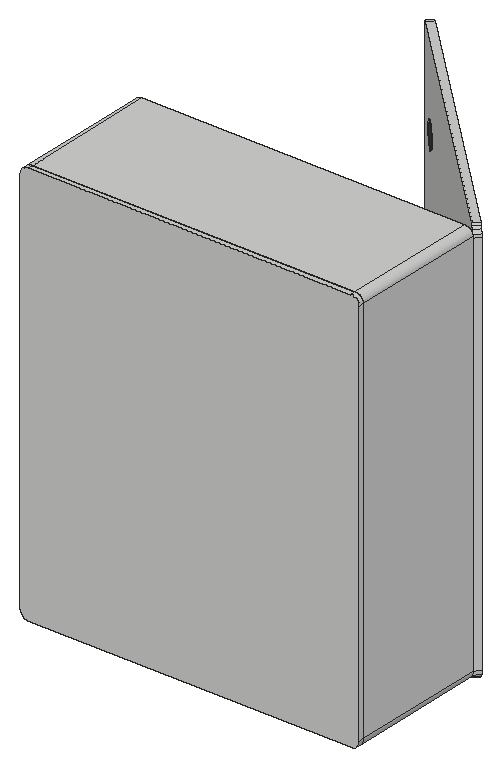
Revit family "Building-ContenitoriParete-GEWISS-44CEP-QUADRI-GWPLAST_PORTA_CIECA_IP55", category Attrezzatura elettrica, host Muro, Revit 2016
Family settings
  Host = Muro
  Configurazione quadro = Due colonne, circuiti in orizzontale
  Tipo di parte = Pannello comandi
  Quota connettore circolare = Usa diametro
  Numero OmniClass = 23.80.30.11.17
  Titolo OmniClass = Distribution Boards and Control Panels
  Sempre verticale = Sì
  Taglio con vuoti quando caricato = No
  Condiviso = No
  Punto di calcolo locali = Sì
Parameters (values of type "GW44811 - QUADRO 396X474X160 IP55 PORTA CIECA")
  Vista di pianta [instance] = yes
  Versione file RFA = "18.0"
  URL = "https://www.gewiss.com/it/it"
  Tipologia porta = "Porta cieca"
  Tipo Materiale = "Halogen free secondo norma EN 60754-2"
  Termopressione con biglia = "110 °C"
  Tensione nominale massima di impiego (Ue) = "750V"
  Tensione nominale di tenuta ad impulso = "750V"
  Tensione nominale di isolamento (Ui) = "750V"
  Tensione di isolamento: = "750 V"
  Tensione di isolamento = "750V"
  Temperatura di impiego = "-25 +60 °C"
  Struttura quadro = GEWISS - GRIGIO RAL 7035
  Sportello visibile [instance] = yes
  Spessore quadro = 160 mm
  Simbolo [instance] = yes
  Scheda Tecnica = "https://www.gewiss.com/it/it/search?q=GW44811"
  SEO = "Quadro"
  Resistenza agli urti = "IK08"
  Produttore = "GEWISS S.p.A."
  Potenza quadro = 0 V
  Potenza dissipabile B (W) = "46"
  Potenza dissipabile A (W) = "52"
  Porta = GEWISS - Pannello cieco : 2 FORI
  Pannello = GEWISS - GRIGIO RAL 7035
  Offset etichetta nome quadro [instance] = 685.076 mm
  Normativa = "EN 61439-1, EN 61439-2, EN60670-1, IEC 60670-24"
  Norma di riferimento = "EN 61439-1, EN 61439-2, EN60670-1, IEC 60670-24"
  N. serrature = "2"
  N. mod. EN 50022: = "32 (16X2)"
  N. mod. EN 50022 per scompartimento = "32 (16X2)"
  Modello = "GW44811"
  Materiale = "Tecnopolimero GWPLAST 120"
  Maniglia visibile [instance] = yes
  Maniglia = GEWISS - NERO
  Larghezza quadro = 396 mm
  Immagine tipo = GW44808.jpg
  IFC.TypeObject = ""
  IFC.ExportType = ""
  IFC.ExportAs = ""
  IDT = "de051df7-38e9-40b9-ab4d-7bc773408338"
  IDF = "f04088e7-d35c-4b18-82b2-9ed22c7dd2b6"
  H_quadro = 474 mm
  H_da terra = 500 mm
  Grado di protezione = "IP55"
  Glow Wire Test = "650°C"
  GW - NOME QUADRO [instance] = "NOME QUADRO"
  GEWISS SCHEDA TECNICA = "http://pro.gewiss.com/irj/portal/?NavigationTarget=pcd:portal_content/com.gewiss.ZPPFDMain/com.gewiss.ZPPFDITMain/com.gewiss.ZPPFDITMainDefault/com.gewiss.ZPPFDITPages/com.gewiss.ZPPFDITPagesAP/com.gewiss.ZPPFDITPagesAPCatalogo/com.gewiss.ZPPPDITAPProductDetail&codProd=GW44811"
  Famiglia = "44 CEP"
  Etichetta nome quadro [instance] = yes
  Distanza_fori = 100 mm
  Distanza orizzontale del simbolo [instance] = 887.355 mm
  Distanza dal muro [instance] = 4.208 mm
  Dim. esterne BxHxP (mm) = "396x474x160"
  Descrizione = "QUADRO 396X474X160 IP55 PORTA CIECA"
  Creato da GEWISS S.p.A. = ""
  Cornice simbolo [instance] = yes
  Colore = "Grigio RAL 7035"
  Codice Electrocod = "1312"
  Codice EAN = "8011564028470"
  Classificazione carico = Other
  Classe isolamento = "II"
  Catalogo Serie = "44 CEP"
  Catalogo = "BUILDING"
  Carico Apparente = 0 VA
  COBie.Tagnumber = ""
  COBie.CreatedOn = ""
  COBie.CreatebBy = ""
  COBie.ComponentRegisterItemID = ""
  COBie.Component.TagNumber = ""
  COBie.Component.Space = ""
  COBie.Component.SerialNumber = ""
  COBie.Component.InstallationDate = ""
  COBie.Component.Description = ""
  COBie.Component.BarCode = ""
  Bidimensionale = 2D - CEP QUADRI STAGNI GWPLAST IP55 : 2 fori
  Apertura quadro [instance] = 45.00°
  Angolo di apertura reale [instance] = if(Apertura quadro < 0.00°, 0.00°, if(Apertura quadro > 180.00°, 180.00°, Apertura quadro))  # 45.00°
  Accessori per ripristino isolamento = "GW44621-GW46446-GW46451"
Types (4, lengths in mm): name | Spessore quadro | Scheda Tecnica | Potenza dissipabile B (W) | Potenza dissipabile A (W) | Porta | Offset etichetta nome quadro | N. serrature | N. mod. EN 50022: | N. mod. EN 50022 per scompartimento | Modello | Larghezza quadro | IDT | H_quadro | H_da terra | GEWISS SCHEDA TECNICA | Distanza orizzontale del simbolo | Dim. esterne BxHxP (mm) | Descrizione | Codice EAN | Bidimensionale
  GW44808 - QUADRO 200X254X135 IP55 PORTA CIECA | 135 | "https://www.gewiss.com/it/it/search?q=GW44808" | "17" | "16" | GEWISS - Pannello cieco : 1 FORO | 685.076 | "1" | "" | "-" | "GW44808" | 200 | "dc6aaac6-f934-413c-811c-a9c2cc1ec30c" | 254 | 500 | "http://pro.gewiss.com/irj/portal/?NavigationTarget=pcd:portal_content/com.gewiss.ZPPFDMain/com.gewiss.ZPPFDITMain/com.gewiss.ZPPFDITMainDefault/com.gewiss.ZPPFDITPages/com.gewiss.ZPPFDITPagesAP/com.gewiss.ZPPFDITPagesAPCatalogo/com.gewiss.ZPPPDITAPProductDetail&codProd=GW44811" | 887.355 | "200x254x135" | "QUADRO 200X254X135 IP55 PORTA CIECA" | "8011564028524" | 2D - CEP QUADRI STAGNI GWPLAST IP55 : 1 foro
  GW44809 - QUADRO 236X316X135 IP55 PORTA CIECA | 135 | "https://www.gewiss.com/it/it/search?q=GW44809" | "31" | "26" | GEWISS - Pannello cieco : 1 FORO | 685.1 | "1" | "8" | "8" | "GW44809" | 236 | "8ebf1045-4170-4501-ab2a-18a17f89c6fb" | 316 | 500 | "http://pro.gewiss.com/irj/portal/?NavigationTarget=pcd:portal_content/com.gewiss.ZPPFDMain/com.gewiss.ZPPFDITMain/com.gewiss.ZPPFDITMainDefault/com.gewiss.ZPPFDITPages/com.gewiss.ZPPFDITPagesAP/com.gewiss.ZPPFDITPagesAPCatalogo/com.gewiss.ZPPPDITAPProductDetail&codProd=GW44809" | 1033.355 | "236x316x135" | "QUADRO 236X316X135 IP55 PORTA CIECA" | "8011564028531" | 2D - CEP QUADRI STAGNI GWPLAST IP55 : 1 foro
  GW44810 - QUADRO 316X396X160 IP55 PORTA CIECA | 160 | "https://www.gewiss.com/it/it/search?q=GW44810" | "34" | "42" | GEWISS - Pannello cieco : 2 FORI | 685.076 | "2" | "24 (12X2)" | "24 (12X2)" | "GW44810" | 316 | "36204c1d-ad06-4728-a5b7-e880479a354f" | 396 | 396 | "http://pro.gewiss.com/irj/portal/?NavigationTarget=pcd:portal_content/com.gewiss.ZPPFDMain/com.gewiss.ZPPFDITMain/com.gewiss.ZPPFDITMainDefault/com.gewiss.ZPPFDITPages/com.gewiss.ZPPFDITPagesAP/com.gewiss.ZPPFDITPagesAPCatalogo/com.gewiss.ZPPPDITAPProductDetail&codProd=GW44810" | 1033.355 | "316x396x160" | "QUADRO 316X396X160 IP55 PORTA CIECA" | "8011564028463" | 2D - CEP QUADRI STAGNI GWPLAST IP55 : 2 fori
  GW44811 - QUADRO 396X474X160 IP55 PORTA CIECA | 160 | "https://www.gewiss.com/it/it/search?q=GW44811" | "46" | "52" | GEWISS - Pannello cieco : 2 FORI | 685.076 | "2" | "32 (16X2)" | "32 (16X2)" | "GW44811" | 396 | "de051df7-38e9-40b9-ab4d-7bc773408338" | 474 | 500 | "http://pro.gewiss.com/irj/portal/?NavigationTarget=pcd:portal_content/com.gewiss.ZPPFDMain/com.gewiss.ZPPFDITMain/com.gewiss.ZPPFDITMainDefault/com.gewiss.ZPPFDITPages/com.gewiss.ZPPFDITPagesAP/com.gewiss.ZPPFDITPagesAPCatalogo/com.gewiss.ZPPPDITAPProductDetail&codProd=GW44811" | 887.355 | "396x474x160" | "QUADRO 396X474X160 IP55 PORTA CIECA" | "8011564028470" | 2D - CEP QUADRI STAGNI GWPLAST IP55 : 2 fori
Reference planes
  plane 1 "Muro": y = 0
  plane 2 "Centro (Sinistra/Destra)": x = 125
  plane 3 "Indietro": y = 75
  plane 4 "SX": x = -73
  plane 5 "DX": x = 323
  plane 6: y = 241
  plane 7 "Base quadro": z = 500
  plane 8: z = 974
  plane 9: y = 81
  plane 10: z = 737
  plane 11: x = -960.355
  plane 12: y = 760.076
Forms (mm)
  Extrusion 1, solid, material "GEWISS - GRIGIO RAL 7035" <- "Struttura quadro"
    sketch origin (0, 0, 0) x (1, 0, 0) y (0, 0, 1)
      loop
        line (313.613, 974) -> (-63.613, 974)
        arc (-63.613, 974) -> (-70.251, 971.251) -> (-73, 964.613) r 9.387
        line (-73, 964.613) -> (-73, 509.387)
        arc (-73, 509.387) -> (-70.251, 502.749) -> (-63.613, 500) r 9.387
        line (-63.613, 500) -> (313.613, 500)
        arc (313.613, 500) -> (320.251, 502.749) -> (323, 509.387) r 9.387
        line (323, 509.387) -> (323, 964.613)
        arc (323, 964.613) -> (320.251, 971.251) -> (313.613, 974) r 9.387
      loop
        line (297.613, 954) -> (-47.613, 954)
        arc (-47.613, 954) -> (-51.422, 952.422) -> (-53, 948.613) r 5.387
        line (-53, 948.613) -> (-53, 525.387)
        arc (-53, 525.387) -> (-51.422, 521.578) -> (-47.613, 520) r 5.387
        line (-47.613, 520) -> (297.613, 520)
        arc (297.613, 520) -> (301.422, 521.578) -> (303, 525.387) r 5.387
        line (303, 525.387) -> (303, 948.613)
        arc (303, 948.613) -> (301.422, 952.422) -> (297.613, 954) r 5.387
    from -241 to -81
  Extrusion 2, solid, material "GEWISS - GRIGIO RAL 7035" <- "Pannello"
    sketch origin (0, 0, 0) x (1, 0, 0) y (0, 0, 1)
      loop
        arc (-63.613, 974) -> (-70.251, 971.251) -> (-73, 964.613) r 9.387
        line (-73, 964.613) -> (-73, 509.387)
        arc (-73, 509.387) -> (-70.251, 502.749) -> (-63.613, 500) r 9.387
        line (-63.613, 500) -> (313.613, 500)
        arc (313.613, 500) -> (320.251, 502.749) -> (323, 509.387) r 9.387
        line (323, 509.387) -> (323, 964.613)
        arc (323, 964.613) -> (320.251, 971.251) -> (313.613, 974) r 9.387
        line (313.613, 974) -> (-63.613, 974)
    from -81 to -75
Lines and regions (mm)
  Masking region 1, visible <- "Vista di pianta"
    outline origin (-33, 241, 0) x (0.984808, 0.173648, 0) y (-0.173648, 0.984808, 0)
      loop
        line (321.766, -225.297) -> (350.592, -61.819) -> (-39.392, 6.946) -> (-68.218, -156.532) -> (321.766, -225.297)
  Masking region 2
    outline origin (125, 0, 0) x (0, 1, 0) y (0, 0, 1)
      loop
        line (75, 500) -> (241, 500) -> (241, 974) -> (75, 974) -> (75, 500)
  Masking region 3, visible <- "Vista di pianta"
    outline origin (-38.777, 208.238, 0) x (0.984808, 0.173648, 0) y (-0.173648, 0.984808, 0)
      loop
        line (134.833, 293.827) -> (361.97, -30.558) -> (368.523, -25.969) -> (141.387, 298.415) -> (134.833, 293.827)
  reference lines
    curve 1: line (323, 241, 0) -> (40.157, 523.843, 0)
Text (mm)
  text "Lato posizionamento" at (-2540.362, 1733.729, 0), in view "Livello rif."
  text "Lato posizionamento" at (0, 1409.804, 2854.306), in view "Sinistra"
  text "Lato posizionamento" at (0, 499.811, 2980.732), in view "Destra"
Dimensions and locks
  locked: plane 3 "Indietro" to host wall
  "H_da terra": level to plane 7 "Base quadro"
  "H_quadro": plane 7 "Base quadro" to plane 8
  locked: plane 9 to host wall at 6
  "Spessore quadro": plane 6 to plane 9
  equal spacing: plane 7 "Base quadro", plane 10, plane 8
  "Larghezza quadro": plane 4 "SX" to plane 5 "DX"
  "Distanza orizzontale del simbolo": plane 11 to plane 4 "SX"
  "Offset etichetta nome quadro": plane 12 to plane 3 "Indietro"
  equal spacing: plane 4 "SX", plane 2 "Centro (Sinistra/Destra)", plane 5 "DX"
  locked: Extrusion 1 sketch curve to Extrusion 1 sketch curve at 20  (x4)
  "Apertura quadro": angle curve 1 to plane 6
  aligned and locked: plane 1 "Muro" to host wall
  aligned and locked: plane 8 to Extrusion 1 sketch curve
  aligned and locked: plane 5 "DX" to Extrusion 1 sketch curve
  aligned and locked: Extrusion 1 sketch curve to plane 7 "Base quadro"
  aligned and locked: Extrusion 1 sketch curve to plane 4 "SX"
  aligned and locked: plane 6 to Extrusion 1
  aligned and locked: Extrusion 1 to plane 9
  aligned and locked: plane 9 to Extrusion 2
  aligned and locked: Extrusion 2 to host wall
  aligned and locked: nested 2 to plane 12
  aligned and locked: plane 11 to nested 3
  aligned and locked: Masking region 1 sketch curve to plane 6
  aligned and locked: Masking region 1 sketch curve to plane 3 "Indietro"
  aligned and locked: Masking region 1 sketch curve to plane 5 "DX"
  aligned and locked: plane 4 "SX" to Masking region 1 sketch curve
  aligned and locked: Masking region 2 sketch curve to Extrusion 2
  aligned and locked: Masking region 2 sketch curve to Extrusion 1  (x2)
  aligned and locked: plane 10 to nested 4
  aligned and locked: plane 5 "DX" to nested 4
  aligned and locked: plane 7 "Base quadro" to nested 1
  aligned and locked: plane 6 to Masking region 1  (x2)
  aligned and locked: Extrusion 2 sketch curve to Extrusion 1  (x4)
  aligned and locked: plane 2 "Centro (Sinistra/Destra)" to nested 2
  aligned and locked: plane 5 "DX" to curve 1
  aligned and locked: Masking region 3 sketch curve to nested 1  (x4)
  aligned and locked: nested 1 to curve 1  (x2)
Automatic sketch dimensions
  Extrusion 1 sketch curve to Extrusion 1 sketch curve = 5.387 mm  (x3)
  Extrusion 1 sketch curve to Extrusion 1 sketch curve = 10.613 mm
  Extrusion 1 sketch curve to Extrusion 1 sketch curve = 16 mm  (x4)
  Extrusion 2 sketch curve to Extrusion 2 sketch curve = 9.387 mm  (x2)
  Extrusion 2 sketch curve to plane 5 "DX" = 9.387 mm  (x2)
  Masking region 2 sketch curve to plane 7 "Base quadro" = 0 mm
  curve 1 to plane 6 = 0 mm
Nested families
  nested 1: "GEWISS - Pannello cieco" at (182.993, 381.007, 104) x (0.7071, -0.7071, 0) z (0, 0, 1), visible <- "Sportello visibile", H_pannello <- "H_quadro", Larghezza pannello <- "Larghezza quadro", type <- "Porta", type "2 FORI"
    with Larghezza pannello 396 mm, H_pannello 474 mm
  nested 2: "NOME QUADRO" at (125, 760.076, 0), TXT <- "GW - NOME QUADRO", visible <- "Etichetta nome quadro", type "NOME QUADRO"
    with TXT "NOME QUADRO"
  nested 3: "QUADRILAN" at (-960.355, 75, 0), Distanza dal muro <- "Distanza dal muro", BORDO ACCESO <- "Cornice simbolo", SIMBOLO ACCESO <- "Simbolo", type "QUADRILAN"
    with SIMBOLO ACCESO yes, Distanza dal muro 4.208 mm, BORDO ACCESO yes
  nested 4: "2D - CEP QUADRI STAGNI GWPLAST IP55" at (125, 0, 737) x (-1, 0, 0) z (0, -1, 0), Altezza <- "H_quadro", Larghezza <- "Larghezza quadro", type <- "Bidimensionale", type "2 fori"
    with Larghezza 396 mm, Altezza 474 mm
Connectors
  electrical at (125, 161, 974), driven by "Carico Apparente", driven by "Classificazione carico", driven by "Potenza quadro"
    settings: on Extrusion 1, index 1, voltage 0 V, apparent load 0 VA, apparent load phase1 0 VA, apparent load phase2 0 VA, apparent load phase3 0 VA, power factor 1, load classification "Other", number of poles 1, system type 31, power factor state 1, is connector primary yes, connector utility no, sub classification motor no, connector description ""
Definition of nested family "GEWISS - Pannello cieco"
  Parameters (values of type "2 FORI")
    Default Elevation = 1219.2 mm
    Pannello = none
    Maniglia = none
    Larghezza pannello [instance] = 316 mm
    H_pannello [instance] = 396 mm
    H_da terra = 396 mm
    2 FORI = yes
    1 FORO = no
  Types (3, lengths in mm): name | 2 FORI | 1 FORO
    (no name) | yes | no
    1 FORO | no | yes
    2 FORI | yes | no
  Reference planes
    plane 1 "Centro (Fronte/Retro)": y = 0
    plane 2: z = 0
    plane 3 "Centro (Sinistra/Destra)": x = 0
    plane 4: x = -158
    plane 5: x = 158
    plane 6: y = 8
    plane 7: z = 792
    plane 8: z = 396
    plane 9: z = 594
    plane 10: x = -115.8
    plane 11: z = 691.5
    plane 12: z = 508.2
  Forms (mm)
    Extrusion 1, solid, material <- "Pannello", visible <- "1 FORO"
      sketch origin (0, 0, 0) x (1, 0, 0) y (0, 0, 1)
        loop
          line (-148.613, 792) -> (-152.972, 790.92) -> (-155.581, 788.905) -> (-157.569, 785.491) -> (-158, 781.674) -> (-158, 406.326) -> (-157.277, 401.774) -> (-155.331, 398.831) -> (-152.312, 396.76) -> (-148.613, 396) -> (148.613, 396) -> (152.205, 396.714) -> (155.251, 398.749) -> (157.335, 401.918) -> (158, 406.326) -> (158, 781.674) -> (157.678, 785.136) -> (155.581, 788.905) -> (152.77, 791.023) -> (148.613, 792) -> (-148.613, 792)
        loop
          circle (-115.8, 594) r 14.644
      from -8 to 0
    Extrusion 2, solid, material <- "Maniglia", visible <- "1 FORO"
      sketch origin (0, 0, 0) x (1, 0, 0) y (0, 0, 1)
        loop
          circle (-115.8, 594) r 14.644
      from -8 to 0
    Extrusion 3, solid, material <- "Pannello", visible <- "2 FORI"
      sketch origin (0, 0, 0) x (1, 0, 0) y (0, 0, 1)
        loop
          line (-148.613, 792) -> (-152.972, 790.92) -> (-155.581, 788.905) -> (-157.569, 785.491) -> (-158, 781.674) -> (-158, 406.326) -> (-157.277, 401.774) -> (-155.331, 398.831) -> (-152.312, 396.76) -> (-148.613, 396) -> (148.613, 396) -> (152.205, 396.714) -> (155.251, 398.749) -> (157.335, 401.918) -> (158, 406.326) -> (158, 781.674) -> (157.678, 785.136) -> (155.581, 788.905) -> (152.77, 791.023) -> (148.613, 792) -> (-148.613, 792)
        loop
          circle (-115.8, 691.5) r 14.644
        loop
          circle (-115.8, 508.2) r 14.644
      from -8 to 0
    Extrusion 4, solid, material <- "Maniglia", visible <- "2 FORI"
      sketch origin (0, 0, 0) x (1, 0, 0) y (0, 0, 1)
        loop
          circle (-115.8, 691.5) r 14.644
        loop
          circle (-115.8, 508.2) r 14.644
      from -8 to 0
  Dimensions and locks
    locked: plane 1 "Centro (Fronte/Retro)" to plane 6 at 8
    "H_pannello": plane 7 to plane 8
    "H_da terra": plane 8 to plane 2
    "Larghezza pannello": plane 4 to plane 5
    equal spacing: plane 5, plane 3 "Centro (Sinistra/Destra)", plane 4
    equal spacing: plane 7, plane 9, plane 8
    locked: plane 7 to plane 11 at 100.5
    locked: plane 12 to plane 8 at 112.2
    locked: plane 10 to plane 4 at 42.2
    aligned and locked: level to plane 2
    aligned and locked: plane 6 to Extrusion 1
    aligned and locked: plane 1 "Centro (Fronte/Retro)" to Extrusion 1
    aligned and locked: plane 6 to Extrusion 2
    aligned and locked: plane 1 "Centro (Fronte/Retro)" to Extrusion 2
    aligned and locked: plane 9 to Extrusion 1 sketch curve
    aligned and locked: Extrusion 2 sketch curve to Extrusion 1
  Automatic sketch dimensions
    plane 4 to Extrusion 1 sketch curve = 0.431 mm
    plane 4 to Extrusion 1 sketch curve = 0.723 mm
    plane 4 to Extrusion 1 sketch curve = 2.419 mm
    plane 4 to Extrusion 1 sketch curve = 2.669 mm
    Extrusion 1 sketch curve to plane 7 = 1.08 mm
    Extrusion 1 sketch curve to Extrusion 1 sketch curve = 2.609 mm
    plane 8 to Extrusion 1 sketch curve = 0.76 mm
    Extrusion 1 sketch curve to Extrusion 1 sketch curve = 3.019 mm
    Extrusion 1 sketch curve to Extrusion 1 sketch curve = 4.359 mm
    Extrusion 1 sketch curve to Extrusion 1 sketch curve = 3.699 mm
    Extrusion 1 sketch curve to plane 5 = 9.387 mm  (x2)
    plane 8 to Extrusion 1 sketch curve = 0.714 mm
    Extrusion 1 sketch curve to Extrusion 1 sketch curve = 3.592 mm
    Extrusion 1 sketch curve to plane 7 = 0.977 mm
    Extrusion 1 sketch curve to Extrusion 1 sketch curve = 4.157 mm
    Extrusion 1 sketch curve to plane 5 = 2.749 mm
    Extrusion 1 sketch curve to plane 5 = 2.419 mm
    Extrusion 1 sketch curve to plane 5 = 0.665 mm
    Extrusion 1 sketch curve to plane 5 = 0.322 mm
    plane 8 to Extrusion 1 sketch curve = 2.749 mm
    plane 8 to Extrusion 1 sketch curve = 2.831 mm
    Extrusion 1 sketch curve to Extrusion 1 sketch curve = 2.944 mm
    Extrusion 1 sketch curve to Extrusion 1 sketch curve = 3.168 mm
    Extrusion 1 sketch curve to Extrusion 1 sketch curve = 4.408 mm
    Extrusion 1 sketch curve to Extrusion 1 sketch curve = 4.552 mm
    Extrusion 1 sketch curve to plane 7 = 10.326 mm  (x2)
    Extrusion 1 sketch curve to Extrusion 1 sketch curve = 3.462 mm
    Extrusion 1 sketch curve to Extrusion 1 sketch curve = 3.817 mm
    Extrusion 1 sketch curve to plane 7 = 3.095 mm  (x2)
    Extrusion 1 sketch curve to plane 4 = 0 mm
    Extrusion 1 sketch curve to plane 5 = 0 mm
    Extrusion 1 sketch curve to plane 8 = 0 mm
    Extrusion 1 sketch curve to plane 7 = 0 mm
    Extrusion 1 sketch curve to plane 10 = 0 mm
    Extrusion 1 sketch curve to Extrusion 1 sketch curve = 14.644 mm
    Extrusion 3 sketch curve to Extrusion 3 sketch curve = 0 mm  (x4)
    Extrusion 3 sketch curve to plane 4 = 0 mm
    Extrusion 3 sketch curve to plane 7 = 0 mm
    Extrusion 3 sketch curve to plane 8 = 0 mm
    Extrusion 3 sketch curve to plane 11 = 0 mm
    Extrusion 3 sketch curve to plane 12 = 0 mm
    Extrusion 3 sketch curve to plane 10 = 0 mm  (x2)
    Extrusion 3 sketch curve to plane 5 = 0 mm
    plane 4 to Extrusion 3 sketch curve = 0.431 mm
    plane 4 to Extrusion 3 sketch curve = 0.723 mm
    plane 4 to Extrusion 3 sketch curve = 2.419 mm
    plane 4 to Extrusion 3 sketch curve = 2.669 mm
    Extrusion 3 sketch curve to plane 7 = 1.08 mm
    Extrusion 3 sketch curve to Extrusion 3 sketch curve = 2.609 mm
    plane 8 to Extrusion 3 sketch curve = 0.76 mm
    Extrusion 3 sketch curve to Extrusion 3 sketch curve = 3.019 mm
    Extrusion 3 sketch curve to Extrusion 3 sketch curve = 4.359 mm
    Extrusion 3 sketch curve to Extrusion 3 sketch curve = 3.699 mm
    Extrusion 3 sketch curve to plane 5 = 9.387 mm  (x2)
    plane 8 to Extrusion 3 sketch curve = 0.714 mm
    Extrusion 3 sketch curve to Extrusion 3 sketch curve = 3.592 mm
    Extrusion 3 sketch curve to plane 7 = 0.977 mm
    Extrusion 3 sketch curve to Extrusion 3 sketch curve = 4.157 mm
    Extrusion 3 sketch curve to plane 5 = 2.749 mm
    Extrusion 3 sketch curve to plane 5 = 2.419 mm
    Extrusion 3 sketch curve to plane 5 = 0.665 mm
    Extrusion 3 sketch curve to plane 5 = 0.322 mm
    plane 8 to Extrusion 3 sketch curve = 2.749 mm
    plane 8 to Extrusion 3 sketch curve = 2.831 mm
    Extrusion 3 sketch curve to Extrusion 3 sketch curve = 2.944 mm
    Extrusion 3 sketch curve to Extrusion 3 sketch curve = 3.168 mm
    Extrusion 3 sketch curve to Extrusion 3 sketch curve = 4.552 mm
    Extrusion 3 sketch curve to Extrusion 3 sketch curve = 4.408 mm
    Extrusion 3 sketch curve to plane 7 = 10.326 mm  (x2)
    Extrusion 3 sketch curve to Extrusion 3 sketch curve = 3.462 mm
    Extrusion 3 sketch curve to Extrusion 3 sketch curve = 3.817 mm
    Extrusion 3 sketch curve to plane 7 = 3.095 mm  (x2)
    Extrusion 3 sketch curve to Extrusion 3 sketch curve = 14.644 mm  (x2)
    Extrusion 4 sketch curve to plane 10 = 0 mm  (x2)
    Extrusion 4 sketch curve to plane 12 = 0 mm
    Extrusion 4 sketch curve to plane 11 = 0 mm
    radius of Extrusion 4 sketch curve = 14.644 mm  (x2)
Definition of nested family "NOME QUADRO"
  Parameters (values of type "NOME QUADRO")
    TXT [instance] = ""
  Reference planes
    plane 1: y = 0
    plane 2: x = 0
  Text (mm)
    label "NOME QUADRO" at (0.217, 0.029, 0), shows "TXT"
Definition of nested family "QUADRILAN"
  Parameters (values of type "QUADRILAN")
    SIMBOLO ACCESO [instance] = yes
    Distanza dal muro [instance] = 4.208 mm
    BORDO ACCESO [instance] = yes
  Reference planes
    plane 1: y = 0
    plane 2: x = 0
  Dimensions and locks
    "Distanza dal muro": plane 1 to nested 1
    aligned and locked: plane 2 to nested 1
  Nested families
    nested 1: "QUADRILAN_BASE" at (0, 4.208, 0), BORDO ACCESO <- "BORDO ACCESO", visible <- "SIMBOLO ACCESO", type "QUADRILAN"
      with BORDO ACCESO yes
  Definition of nested family "QUADRILAN_BASE"
    Parameters (values of type "QUADRILAN")
      Distanza dal muro = 4.208 mm
      BORDO ACCESO [instance] = yes
    Reference planes
      plane 1: y = 0
      plane 2: x = 0
    Lines and regions (mm)
      detail lines, visible <- "BORDO ACCESO"
        curve 1: line (-2, 2.5, 0) -> (2, 2.5, 0)
        curve 2: line (2, 2.5, 0) -> (2, 0, 0)
        curve 3: line (2, 0, 0) -> (-2, 0, 0)
        curve 4: line (-2, 0, 0) -> (-2, 2.5, 0)
        curve 5: line (-1.9, 2.4, 0) -> (1.9, 2.4, 0)
        curve 6: line (1.9, 2.4, 0) -> (1.9, 0.1, 0)
        curve 7: line (1.9, 0.1, 0) -> (-1.9, 0.1, 0)
        curve 8: line (-1.9, 0.1, 0) -> (-1.9, 2.4, 0)
      detail lines, visible <- "BORDO ACCESO", not visible
        curve 9: line (-2.443, 10.208, 0) -> (2.057, 10.208, 0)
        curve 10: line (2.057, 10.208, 0) -> (2.057, 4.208, 0)
        curve 11: line (2.057, 4.208, 0) -> (-2.443, 4.208, 0)
        curve 12: line (-2.443, 4.208, 0) -> (-2.443, 10.208, 0)
        curve 13: line (-2.043, 9.808, 0) -> (1.657, 9.808, 0)
        curve 14: line (1.657, 9.808, 0) -> (1.657, 4.608, 0)
        curve 15: line (1.657, 4.608, 0) -> (-2.043, 4.608, 0)
        curve 16: line (-2.043, 4.608, 0) -> (-2.043, 9.808, 0)
      detail lines
        curve 17: line (1.731, 0.358, 0) -> (-1.731, 2.088, 0)
        curve 18: line (-1.731, 2.088, 0) -> (-0.201, 2.088, 0)
        curve 19: line (-0.201, 2.088, 0) -> (1.731, 2.088, 0)
        curve 20: line (1.731, 2.088, 0) -> (1.731, 0.358, 0)
        curve 21: line (1.731, 0.358, 0) -> (-1.731, 0.358, 0)
        curve 22: line (-1.731, 0.358, 0) -> (-1.731, 2.088, 0)
    Dimensions and locks
      aligned and locked: curve 3 to plane 1
Definition of nested family "2D - CEP QUADRI STAGNI GWPLAST IP55"
  Parameters (values of type "1 foro")
    Larghezza [instance] = 396 mm
    Altezza [instance] = 474 mm
    2 fori = no
    1 foro = yes
  Types (2, lengths in mm): name | 2 fori | 1 foro
    1 foro | no | yes
    2 fori | yes | no
  Reference planes
    plane 1 "Centro (Fronte/Retro)": y = 0
    plane 2: z = 0
    plane 3 "Centro (Sinistra/Destra)": x = 0
    plane 4: x = -198
    plane 5: x = 198
    plane 6: y = 237
    plane 7: y = -237
  Lines and regions (mm)
    model lines, in view "Livello rif.", visible <- "2 fori", detail levels medium+fine
      curve 1: circle (155.757, -136.483, 0) r 14.644 normal (0, 0, 1)
      curve 2: circle (155.757, -136.483, 0) r 11.828 normal (0, 0, 1)
      curve 3: circle (155.757, -136.483, 0) r 7.04 normal (0, 0, 1)
      curve 4: circle (155.757, 124.834, 0) r 11.828 normal (0, 0, 1)
      curve 5: circle (155.757, 124.834, 0) r 14.644 normal (0, 0, 1)
      curve 6: circle (155.757, 124.834, 0) r 7.04 normal (0, 0, 1)
    model lines, in view "Livello rif."
      curve 7: line (-188.613, -237, 0) -> (-192.172, -236.299, 0)
      curve 8: line (-192.172, -236.299, 0) -> (-195.251, -234.251, 0)
      curve 9: line (-195.251, -234.251, 0) -> (-197.445, -230.793, 0)
      curve 10: line (-197.445, -230.793, 0) -> (-198, -227.613, 0)
      curve 11: line (-198, -227.613, 0) -> (-198, 226.674, 0)
      curve 13: line (198, 226.674, 0) -> (198, -227.613, 0)
      curve 14: line (198, -227.613, 0) -> (197.281, -231.215, 0)
      curve 15: line (197.281, -231.215, 0) -> (195.251, -234.251, 0)
      curve 16: line (195.251, -234.251, 0) -> (192.25, -236.267, 0)
      curve 17: line (192.25, -236.267, 0) -> (188.613, -237, 0)
      curve 18: line (188.613, -237, 0) -> (-188.613, -237, 0)
      curve 20: line (-198, 226.674, 0) -> (-198, 227.613, 0)
      curve 21: line (-198, 227.613, 0) -> (-197.339, 231.072, 0)
      curve 22: line (-197.339, 231.072, 0) -> (-195.362, 234.137, 0)
      curve 23: line (-195.362, 234.137, 0) -> (-192.869, 235.98, 0)
      curve 24: line (-192.869, 235.98, 0) -> (-188.613, 237, 0)
      curve 25: line (-188.613, 237, 0) -> (188.613, 237, 0)
      curve 26: line (188.613, 237, 0) -> (192.796, 236.016, 0)
      curve 27: line (192.796, 236.016, 0) -> (195.251, 234.251, 0)
      curve 28: line (195.251, 234.251, 0) -> (197.047, 231.734, 0)
      curve 29: line (197.047, 231.734, 0) -> (198, 227.613, 0)
      curve 30: line (198, 227.613, 0) -> (198, 226.674, 0)
    model lines, in view "Livello rif.", detail levels medium+fine
      curve 12: line (-198, 226.674, 0) -> (198, 226.674, 0)
      curve 19: line (198, -226.674, 0) -> (-198, -226.674, 0)
    detail lines, in view "Livello rif.", visible <- "1 foro", detail levels medium+fine
      curve 31: circle (155.757, 0, 0) r 11.828 normal (0, 0, 1)
      curve 32: circle (155.757, 0, 0) r 14.644 normal (0, 0, 1)
      curve 33: circle (155.757, 0, 0) r 7.04 normal (0, 0, 1)
  Dimensions and locks
    equal spacing: plane 6, plane 1 "Centro (Fronte/Retro)", plane 7
    "Altezza": plane 6 to plane 7
    equal spacing: plane 4, plane 3 "Centro (Sinistra/Destra)", plane 5
    "Larghezza": plane 4 to plane 5
    locked: curve 6 to plane 5 at 42.243
    locked: plane 6 to curve 5 at 112.166
    locked: curve 1 to plane 7 at 100.517
    curve 2 to plane 5 = 42.243 mm
    locked: curve 31 to plane 5 at 42.243
    aligned and locked: curve 25 to plane 6
    aligned and locked: plane 7 to curve 18
    aligned and locked: curve 13 to plane 5
    aligned and locked: plane 4 to curve 11
  Automatic sketch dimensions
    curve 1 to curve 2 = 0 mm  (x2)
    curve 1 to curve 3 = 0 mm  (x2)
    curve 4 to curve 5 = 0 mm  (x2)
    curve 4 to curve 6 = 0 mm  (x2)
    curve 31 to curve 32 = 0 mm  (x3)
    curve 32 to curve 33 = 0 mm  (x3)
    plane 4 to curve 10 = 0.555 mm
    plane 4 to curve 22 = 0.661 mm
    plane 4 to curve 22 = 2.638 mm
    plane 4 to curve 9 = 2.749 mm
    curve 23 to plane 6 = 1.02 mm
    curve 22 to curve 23 = 2.493 mm
    plane 7 to curve 8 = 0.701 mm
    curve 8 to curve 8 = 3.078 mm
    curve 7 to curve 18 = 3.56 mm
    curve 23 to curve 24 = 4.256 mm
    curve 26 to plane 5 = 9.387 mm
    curve 17 to plane 5 = 9.387 mm
    plane 7 to curve 16 = 0.733 mm
    curve 17 to curve 16 = 3.637 mm
    curve 26 to plane 6 = 0.984 mm
    curve 25 to curve 26 = 4.183 mm
    curve 28 to plane 5 = 2.749 mm
    curve 15 to plane 5 = 2.749 mm
    curve 28 to plane 5 = 0.953 mm
    curve 14 to plane 5 = 0.719 mm
    plane 7 to curve 15 = 2.749 mm
    plane 7 to curve 8 = 2.749 mm
    curve 15 to curve 15 = 3.036 mm
    curve 8 to curve 9 = 3.458 mm
    curve 9 to curve 11 = 3.18 mm
    curve 14 to curve 13 = 3.602 mm
    curve 20 to plane 6 = 10.326 mm
    curve 12 to curve 29 = 0.939 mm
    curve 11 to curve 21 = 0.939 mm
    curve 20 to curve 22 = 3.46 mm
    curve 29 to curve 28 = 4.121 mm
    curve 22 to plane 6 = 2.863 mm
    curve 27 to plane 6 = 2.749 mm
    curve 13 to curve 19 = 0.939 mm
    curve 31 to curve 33 = 0 mm
    plane 1 "Centro (Fronte/Retro)" to curve 33 = 0 mm
    radius of curve 1 = 14.644 mm
    radius of curve 2 = 11.828 mm
    radius of curve 3 = 7.04 mm
    radius of curve 4 = 11.828 mm
    radius of curve 5 = 14.644 mm
    radius of curve 6 = 7.04 mm
    radius of curve 31 = 11.828 mm
    radius of curve 32 = 14.644 mm
    radius of curve 33 = 7.04 mm
